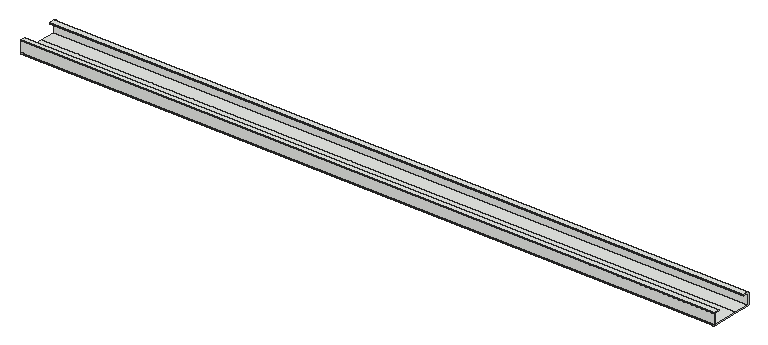
Revit family "PR727", category Mechanical Equipment, Revit 2018
Family settings
  Round Connector Dimension = Use Diameter
  Part Type = Normal
  OmniClass Number = 23.75.00.00
  OmniClass Title = Climate Control (HVAC)
  Work Plane-Based = No
  Always vertical = Yes
  Cut with Voids When Loaded = No
  Shared = No
  Room Calculation Point = No
Parameters (values of type "ISOLAMIN PR727 flashing")
  URL = "http://www.isolamin.se/"
  Thickness = "0.7 mm (Different thicknesses are available on request)"
  Profile Length = 1180 mm
  Model = "PR727"
  Material = "Galvanized Steel"
  Manufacturer = "ISOLAMIN AB"
  Edition = "1.0 (2018)"
Reference planes
  plane 1 "Center (Front/Back)": y = 0
  plane 2: z = 0
  plane 3 "Center (Left/Right)": x = 0
  plane 4: y = -1284.913
  plane 5: x = 1180
Forms (mm)
  Extrusion 1, solid, material "ISOLAMIN Surface Profile Material"
    sketch origin (0, 0, 0) x (0, 1, 0) y (0, 0, 1)
      loop
        line (-10, 20) -> (-10, 19) -> (-1, 19) -> (-1, 1) -> (-26.26, 1) -> (-71, 1) -> (-71, 19) -> (-62, 19) -> (-62, 20) -> (-71, 20)
        arc (-71, 20) -> (-71.707, 19.707) -> (-72, 19) r 1
        line (-72, 19) -> (-72, 1)
        arc (-72, 1) -> (-71.707, 0.293) -> (-71, 0) r 1
        line (-71, 0) -> (-26.26, 0) -> (-1, 0)
        arc (-1, 0) -> (-0.293, 0.293) -> (0, 1) r 1
        line (0, 1) -> (0, 19)
        arc (0, 19) -> (-0.293, 19.707) -> (-1, 20) r 1
        line (-1, 20) -> (-10, 20)
    from 0 to 1180
Dimensions and locks
  "Profile Length": plane 3 "Center (Left/Right)" to plane 5
  aligned and locked: level to plane 2
  aligned and locked: plane 5 to Extrusion 1
Automatic sketch dimensions
  Extrusion 1 sketch curve to level = 0 mm
  Extrusion 1 sketch curve to plane 1 "Center (Front/Back)" = 0 mm
  plane 1 "Center (Front/Back)" to Extrusion 1 sketch curve = 1 mm
  Extrusion 1 sketch curve to Extrusion 1 sketch curve = 0 mm  (x6)
  Extrusion 1 sketch curve to Extrusion 1 sketch curve = 9 mm  (x3)
  Extrusion 1 sketch curve to Extrusion 1 sketch curve = 16.26 mm
  level to Extrusion 1 sketch curve = 20 mm
  Extrusion 1 sketch curve to Extrusion 1 sketch curve = 35.74 mm
  Extrusion 1 sketch curve to Extrusion 1 sketch curve = 1 mm  (x2)
  Extrusion 1 sketch curve to Extrusion 1 sketch curve = 18 mm
